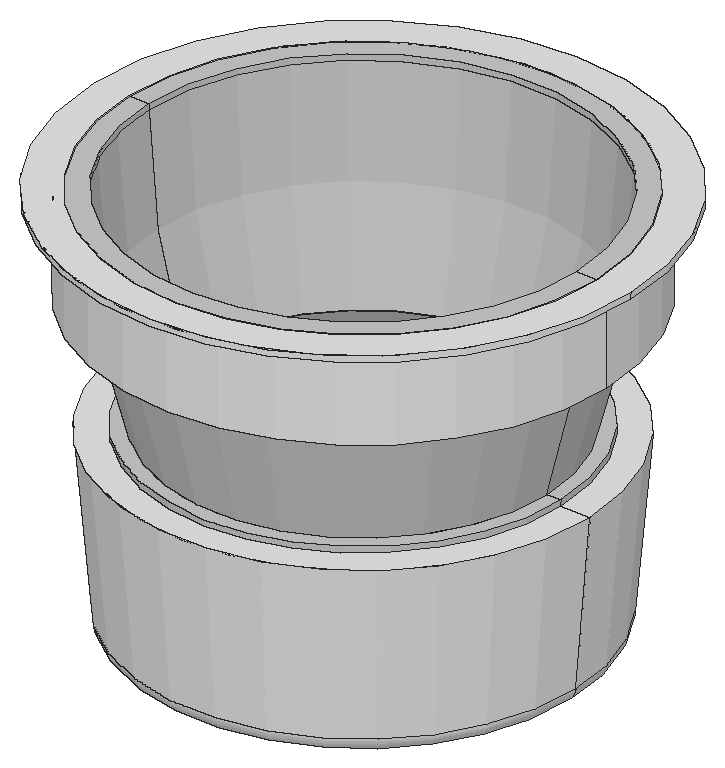
Revit family "2059358 Lighting Fixture_Sylvania_Ascent 150 II Round_Ceiling Recessed", category Lighting Fixtures, host Face, Revit 2017
Family settings
  Host = Face
  Round Connector Dimension = Use Diameter
  Part Type = Normal
  OmniClass Number = 23.80.70.11.17
  OmniClass Title = Specialized Lighting by Location or Use
  Cut with Voids When Loaded = No
  Light Source = Yes
  Shared = No
  Room Calculation Point = No
Parameters (values of type "ASCENT 150 II 2200 3K STD EM")
  Upper Body Radius = Radius - 14.5 mm  # 80.0 mm
  Upper Body Material = Metal_Sylvania_Ascent 150 II_Black
  Ring Outer Diameter = Diameter - 17.0 mm  # 172.0 mm
  Ring Inner Diameter = Ring Outer Diameter - 4.0 mm  # 168.0 mm
  Reflector Material = Metal_Sylvania_Ascent 150 II_Polished
  Recessed Depth = 142.0 mm
  Radius = Diameter / 2  # 94.5 mm
  Light Emit  Diameter = Diameter - 38.0 mm  # 151.0 mm
  LOR = "100%"  # constant formula
  Inrush Current (max. quantity per 16A C breaker) = "80"  # constant formula
  Inner Reflector Radius = Inner Radius - 19.5 mm  # 63.0 mm
  Inner Radius = Inner Diameter / 2  # 82.5 mm
  Inner Diameter = Diameter - 24.0 mm  # 165.0 mm
  IP Rating = "IP44"  # constant formula
  IK Rating = "IK02"  # constant formula
  Glow Wire Test = 650 °C  # constant formula
  Energy Class = "A++,A+,A"  # constant formula
  Weight = 2.45 kg
  Wattage = 2.86179 W
  built-in parameter 1150110 = 1 (stored number, unit not read)
  Voltage Comments = "UNV (Universal Voltage; 220-240 Volt)"  # constant formula
  Voltage = 230 V  # constant formula
  URL = "https://www.sylvania-lighting.com"
  built-in parameter 1114217 = 1 (stored number, unit not read)
  Tilt Angle = -90°
  built-in parameter 1150109 = 1 (stored number, unit not read)
  built-in parameter 1150134 = (empty or 0)
  built-in parameter 1150113 = 1 (stored number, unit not read)
  Product Page URL = "https://www.sylvania-lighting.com/product/en-int/products/2059358"
  Product Family = "ASCENT 150 II ROUND"  # constant formula
  Photometry Comments = ""
  Photometric Web File = "2059358_ASCENT150II22003KSTDEM-206388.ies"
  Life = "50 000 h"  # constant formula
  Emit from Circle Diameter = Light Emit  Diameter  # 151.0 mm
  Emit Shape Visible in Rendering = no
  Emergency duration (h) = "N/A"
  Electrical Protection = "Class II"  # constant formula
  Drive Current = "700mA"  # constant formula
  Distribution type = "Direct"  # constant formula
  Diffuser Material = Glass_Sylvania_Ascent 150 II_Clear_3000K
  Diameter = 189.0 mm
  Cutout Diameter = Diameter - 13.0 mm  # 176.0 mm
  Colour consistency (SDCM) = "3 step"  # constant formula
  built-in parameter 1114216 [instance] = 1 (stored number, unit not read)
  Model = "ASCENT 150 II 2200 3K STD EM"
  Manufacturer = "Feilo Sylvania"
  built-in parameter 1150105 = 215.42 (stored number, unit not read)
  Lumens = 352 lm
  built-in parameter 1150115 = 1 (stored number, unit not read)
  built-in parameter 1150137 = (empty or 0)
  built-in parameter 1150139 = (empty or 0)
  built-in parameter 1150112 = 1 (stored number, unit not read)
  built-in parameter 1150114 = 1 (stored number, unit not read)
  Lamp Comments = "Integrated LED"  # constant formula
  Lamp = "LED"  # constant formula
  built-in parameter 1150132 = 2
  built-in parameter 1150102 = (empty or 0)
  built-in parameter 1150107 = 3000 (stored number, unit not read)
  built-in parameter 1150138 = (empty or 0)
  built-in parameter 1150106 = 2.1542 (stored number, unit not read)
  built-in parameter 1150104 = 11.427 (stored number, unit not read)
  Dimming Lamp Color Temperature Shift = <None>
  Description = "A very high efficient round downlight up to 127lm/W Long life >50,000hrs 4,000K and 3,000K CCT and CRI Ra85 IP44 rated for wet areas and bathrooms UGR <19 version for offices to comply with EN12464-1 Wide selection of decorative accessories"  # constant formula
  Default Elevation = 0.0 mm
  Color Filter = 16777215
  Catalog Number = "2059358 ASCENT 150 II 2200 3K STD EM"
  built-in parameter 1140040 [instance] = 1
  CRI (Ra) = ">80"  # constant formula
  built-in parameter 1114218 = 1 (stored number, unit not read)
  built-in parameter 1150133 = 10 (stored number, unit not read)
  Assembly Code = "D5020200"
  Apparent Load Comments = ""
  Apparent Load = 14 VA
  Accessory Material = Aluminum_Sylvania_Ascent 150 II_White
Reference planes
  plane 1 "Center (Front/Back)": y = 0
  plane 2: z = 0
  plane 3 "Center (Left/Right)": x = 0
  plane 4: z = 2
  plane 5: z = -74
  plane 6 "Fixture Top": z = -140
  plane 7: z = -31
  plane 8: z = -72
  plane 9: z = -62.037
Forms (mm)
  Extrusion 1, solid, material "Aluminum_Sylvania_Ascent 150 II_White" <- "Accessory Material", detail levels fine
    sketch origin (0, 0, 0) x (1, 0, 0) y (0, 1, 0)
      loop
        circle (0, 0) r 94.5
      loop
        circle (0, 0) r 82.5
    from 0 to 2
  Extrusion 2, void
    sketch origin (0, 0, 0) x (1, 0, 0) y (0, 1, 0)
      loop
        circle (0, 0) r 88
    from -140 to 2
  Revolve 3, solid, material "Metal_Sylvania_Ascent 150 II_Polished" <- "Reflector Material", detail levels fine
    sketch origin (0, 0, 0) x (1, 0, 0) y (0, 0, 1)
      loop
        line (-82.5, 0) -> (-77.5, 0)
        arc (-77.5, 0) -> (-74.352, -36.539) -> (-65, -72) r 213.61
        line (-65, -72) -> (-70, -72) -> (-70, -74) -> (0, -74) -> (0, -72) -> (-63, -72)
        arc (-63, -72) -> (-72.352, -36.539) -> (-75.5, 0) r 213.61
        line (-75.5, 0) -> (-75.5, 2) -> (-82.5, 2) -> (-82.5, 0)
      axis (0, 2) -> (0, -74)
    angle from 0 to 360
  Extrusion 4, solid, material "Aluminum_Sylvania_Ascent 150 II_White" <- "Accessory Material", detail levels fine
    sketch origin (0, 0, 0) x (1, 0, 0) y (0, 1, 0)
      loop
        circle (0, 0) r 86
      loop
        circle (0, 0) r 84
    from -31 to 0
  Revolve 5, solid, material "Glass_Sylvania_Ascent 150 II_Clear_3000K" <- "Diffuser Material", detail levels fine
    sketch origin (0, 0, 0) x (1, 0, 0) y (0, 0, 1)
      loop
        line (-63, -72) -> (0, -72) -> (0, -62.037)
        arc (0, -62.037) -> (-31.891, -64.543) -> (-63, -72) r 204.163
      axis (0, -62.037) -> (0, -72)
    angle from 0 to 360
  Revolve 6, solid, material "Metal_Sylvania_Ascent 150 II_Black" <- "Upper Body Material", detail levels fine
    sketch origin (0, 0, 0) x (1, 0, 0) y (0, 0, 1)
      loop
        line (0, -74) -> (-80, -74) -> (-75.107, -129.929)
        arc (-75.107, -129.929) -> (-73.452, -133.536) -> (-69.924, -135.353) r 6.079
        arc (-69.924, -135.353) -> (-35.039, -138.837) -> (0, -140) r 528.435
        line (0, -140) -> (0, -74)
      axis (0, -74) -> (0, -140)
    angle from 0 to 360
  Revolve 7, solid, material "Aluminum_Sylvania_Ascent 150 II_White" <- "Accessory Material", detail levels coarse+medium
    sketch origin (0, 0, 0) x (1, 0, 0) y (0, 0, 1)
      loop
        arc (-69.924, -135.353) -> (-35.039, -138.837) -> (0, -140) r 528.435
        line (0, -140) -> (0, 2) -> (-94.5, 2) -> (-94.5, 0) -> (-86, 0) -> (-86, -31)
        arc (-86, -31) -> (-84.493, -52.708) -> (-80, -74) r 157.083
        line (-80, -74) -> (-75.107, -129.929)
        arc (-75.107, -129.929) -> (-73.452, -133.536) -> (-69.924, -135.353) r 6.079
      axis (0, 2) -> (0, -140)
    angle from 0 to 360
Cuts and joins
  joined: Extrusion 1, Extrusion 4
Lines and regions (mm)
  Masking region 1
    outline origin (0, 0, 0) x (1, 0, 0) y (0, 1, 0)
      loop
        circle (0, 0) r 94.5
  symbolic lines, detail levels fine
    curve 1: arc (-75.5, 0, 0) -> (0, 75.5, 0) -> (75.5, 0, 0) r 75.5
    curve 2: arc (75.5, 0, 0) -> (0, -75.5, 0) -> (-75.5, 0, 0) r 75.5
Dimensions and locks
  plane 4 to plane 2 to plane 7 to plane 9 to plane 8 to plane 5 = 2.0 mm locked, 31.0 mm locked, 31.037 mm locked, 9.963 mm locked, 2.0 mm locked
  "Inner Radius": plane 3 "Center (Left/Right)" to Revolve 3 sketch curve
  locked: Revolve 3 sketch curve to Revolve 3 sketch curve at 7
  Revolve 3 sketch curve to Revolve 3 sketch curve to Revolve 3 sketch curve to Revolve 3 sketch curve = 2.0 mm locked, 5.0 mm locked, 12.5 mm locked
  "Inner Reflector Radius": Revolve 5 sketch curve to imposter light
  Revolve 6 sketch curve to Revolve 6 sketch curve to plane 6 "Fixture Top" = 5.424 mm locked, 4.647 mm locked
  "Recessed Depth": plane 4 to plane 6 "Fixture Top"
  "Upper Body Radius": plane 3 "Center (Left/Right)" to Revolve 6 sketch curve
  Revolve 6 sketch curve to Revolve 6 sketch curve to Revolve 6 sketch curve = 4.893 mm locked, 5.183 mm locked
  Revolve 7 sketch curve to Revolve 7 sketch curve to plane 6 "Fixture Top" = 5.424 mm locked, 4.647 mm locked
  Revolve 7 sketch curve to Revolve 7 sketch curve to Revolve 7 sketch curve to Revolve 7 sketch curve to Revolve 7 sketch curve = 8.5 mm locked, 6.0 mm locked, 4.893 mm locked, 5.183 mm locked
  "Radius": plane 3 "Center (Left/Right)" to Revolve 7 sketch curve
  "Diameter": diameter of Extrusion 1 sketch curve
  "Inner Diameter": diameter of Extrusion 1 sketch curve
  "Cutout Diameter": diameter of Extrusion 2 sketch curve
  "Ring Outer Diameter": diameter of Extrusion 4 sketch curve
  "Ring Inner Diameter": diameter of Extrusion 4 sketch curve
  aligned and locked: plane 2 to host face
  aligned and locked: level to host face
  aligned and locked: imposter light to plane 3 "Center (Left/Right)"
  aligned and locked: imposter light to plane 1 "Center (Front/Back)"
  aligned and locked: Extrusion 1 to plane 2
  aligned and locked: plane 4 to Extrusion 1
  aligned and locked: imposter light to plane 4
  aligned and locked: imposter light to Revolve 3 sketch curve
  aligned and locked: Revolve 3 sketch curve to imposter light
  aligned and locked: Revolve 3 sketch curve to plane 2
  aligned and locked: Revolve 3 sketch curve to Revolve 3 sketch curve
  aligned and locked: plane 5 to Revolve 3 sketch curve
  aligned and locked: Extrusion 4 to plane 7
  aligned and locked: Revolve 3 sketch curve to plane 8
  aligned and locked: Revolve 5 sketch curve to plane 8
  aligned and locked: imposter light to Revolve 5 sketch curve  (x2)
  aligned and locked: imposter light to Revolve 6 sketch curve  (x2)
  aligned and locked: plane 5 to Revolve 6 sketch curve
  aligned and locked: plane 6 "Fixture Top" to Revolve 6 sketch curve
  aligned and locked: Revolve 7 sketch curve to plane 2
  aligned and locked: plane 4 to Revolve 7 sketch curve
  aligned and locked: plane 7 to Revolve 7 sketch curve
  aligned and locked: imposter light to Extrusion 2
  aligned and locked: Extrusion 2 to plane 6 "Fixture Top"
  aligned and locked: Masking region 1 sketch curve to Revolve 7  (x2)
  aligned and locked: curve 1 to Revolve 3
  aligned and locked: curve 2 to Revolve 3
Automatic sketch dimensions
  host sketch curve to host sketch curve = 1040.406 mm
  host sketch curve to host sketch curve = 988.385 mm
  Extrusion 1 sketch curve to Extrusion 1 sketch curve = 0.0 mm  (x2)
  plane 1 "Center (Front/Back)" to Extrusion 1 sketch curve = 0.0 mm
  Extrusion 1 sketch curve to plane 3 "Center (Left/Right)" = 0.0 mm
  plane 1 "Center (Front/Back)" to Extrusion 2 sketch curve = 0.0 mm
  Extrusion 2 sketch curve to plane 3 "Center (Left/Right)" = 0.0 mm
  Revolve 3 sketch curve to plane 3 "Center (Left/Right)" = 0.0 mm
  Revolve 3 sketch curve to level = 0.0 mm
  Revolve 3 sketch curve to Revolve 3 sketch curve = 2.0 mm
  Revolve 3 sketch curve to plane 5 = 27.065 mm
  plane 4 to Revolve 3 sketch curve = 16.525 mm
  Extrusion 4 sketch curve to Extrusion 4 sketch curve = 0.0 mm  (x2)
  plane 1 "Center (Front/Back)" to Extrusion 4 sketch curve = 0.0 mm
  Extrusion 4 sketch curve to plane 3 "Center (Left/Right)" = 0.0 mm
  Revolve 5 sketch curve to plane 9 = 0.0 mm
  Revolve 5 sketch curve to plane 5 = 17.158 mm
  Revolve 5 sketch curve to plane 7 = 15.158 mm
  Revolve 6 sketch curve to plane 7 = 0.0 mm
  Revolve 6 sketch curve to Revolve 6 sketch curve = 6.05 mm
  Revolve 6 sketch curve to plane 6 "Fixture Top" = 26.0 mm
  Revolve 7 sketch curve to plane 3 "Center (Left/Right)" = 0.0 mm  (x2)
  Revolve 7 sketch curve to plane 6 "Fixture Top" = 0.0 mm
  Revolve 7 sketch curve to plane 5 = 0.0 mm
  Revolve 7 sketch curve to plane 7 = 0.0 mm
  Revolve 7 sketch curve to Revolve 7 sketch curve = 0.866 mm
  Revolve 7 sketch curve to Revolve 7 sketch curve = 26.0 mm
Connectors
  electrical at (0, 0, -140), driven by "Apparent Load", driven by "Voltage"
    settings: index 1, voltage 230 V, apparent load 0 VA, apparent load phase1 14 VA, apparent load phase2 0 VA, apparent load phase3 0 VA, power factor 1, load classification "Lighting", number of poles 1, system type 31, power factor state 1, is connector primary yes, connector utility no, sub classification motor no, connector description ""
